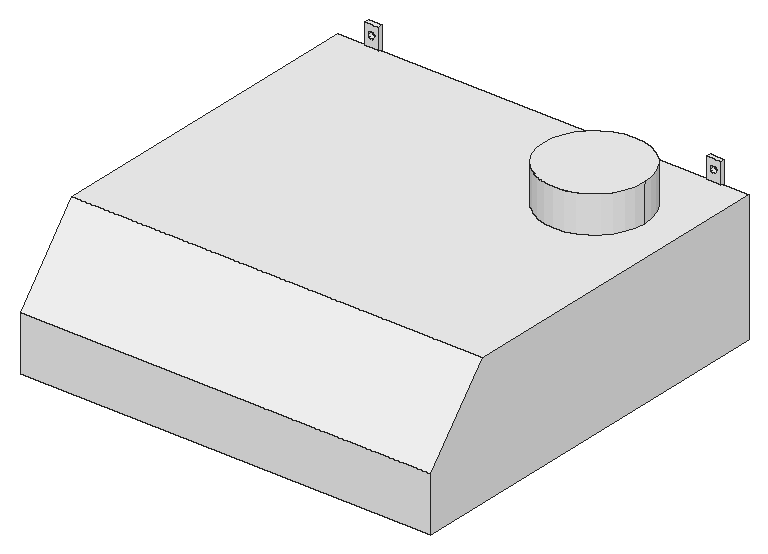
Revit family "v-36_375k7_50Hz", category 機械設備, Revit 2019
Family settings
  丸型コネクタ寸法 = 直径を使用
  パーツ タイプ = 標準
  OmniClass 番号 = 23.75.35.17.27
  OmniClass タイトル = Centrifugal Fans
  作業面ベース = いいえ
  常に垂直 = はい
  ロード時にボイドで切り取り = いいえ
  共有 = いいえ
  部屋計算ポイント = いいえ
Parameters (values of type "V-36K7")
  騒音レベル(dB(A)) = 46.5
  風量 = 540.0 m³/h
  電源種別 [instance] = ""
  電圧 = 100 V
  電動機出力 = 0 W
  電動機_種別 = ""
  集中コントローラ = ""
  運転質量 = 0.00 kg
  連動 [instance] = ""
  質量 = if(製品質量 > 運転質量, 製品質量, 運転質量) * 1.2  # 18.00 kg
  負荷分類 = 3_ファン類
  説明 = "レンジフードファン 浅形 高静圧・丸排気タイプ"
  設計風量 = 0.0 m³/h
  設置方法 = "天吊"
  記号 [instance] = ""
  製造元 = "三菱電機株式会社"
  製品質量 = 15.00 kg
  製品出荷対象 = "国内"
  製品リリース年月 = "2022年6月1日"
  製品グループ = ""
  系統 [instance] = ""
  符号 = if(☑給気／□排気, "FS", "FE")  # "FE"
  積算_科目 = "2 換気設備"
  積算_拾い区分 [instance] = ""
  相 = 1
  盤記号 [instance] = ""
  発停方法 [instance] = ""
  特殊仕様 [instance] = ""
  火災停止 [instance] = ""
  消費電力 = 109 W
  法定耐用年数 = "15"
  機外静圧_排気 = 210.0 Pa
  機外静圧 = 0.0 Pa
  極数 = 2
  材質 [instance] = ""
  操作・制御方式 = ""
  操作・制御スイッチ = ""
  排気量 = 0.0 m³/h
  形式 = "片吸込形"
  幹線記号 [instance] = ""
  対象室 [instance] = ""
  実風量 = 0.0 m³/h
  始動方式 [instance] = "直入"
  天吊用穴_D = 300 mm
  天吊用穴_ピッチ = 520 mm
  外気量 = 0.0 m³/h
  呼称 = "遠心送風機"
  周波数 = 50 Hz
  取付金具_穴位置 = 16 mm
  取付金具_径 = 10 mm
  取付金具_ピッチ = 500 mm
  取付金具_H = 30 mm
  取付金具_Depth = 6 mm
  参照している仕様書等のバージョン = ""
  分類コード = "50052503100060"
  分類グループ = ""
  価格 = 89800
  企業コード = "108420"
  付属品_フィルター_還気 = ""
  付属品_フィルター = ""
  付属品 [instance] = ""
  仕様書バージョン = "Version1.0"
  モデル = "V-36K7"
  マテリアル = 鋼板(白)
  ファンの種類 = ""
  ダクト径 = 150 mm
  コメント [instance] = ""
  Keynote = ""
  Assembly Code = ""
  ☑給気／□排気 = no
  Width = 600 mm
  W1 = Width / 2  # 300 mm
  Version = ""
  Uniclass2015Version = "Systems v1.9"
  Uniclass2015Title = "Centrifugal fans"
  Uniclass2015Code = "Pr_65_67_29_12"
  URL = "https://www.mitsubishielectric.co.jp/ldg/wink/ssl/displayProduct.do?pid=320848"
  SpecificationReference = ""
  SpecificationDescription = ""
  Revision = ""
  ProductInformation = ""
  OmniClassCode = "23-33 31 19 13 15"
  MIN風量 = 150.0 m³/h
  MIN静圧 = 0.0 Pa
  MID風量 = 340.0 m³/h
  MID静圧 = 0.0 Pa
  MAX風量 = 540.0 m³/h
  MAX静圧 = 0.0 Pa
  IfcTypeProduct = ""
  IfcProduct = ""
  IfcExportType = "CENTRIFUGALFORWARDCURVED"
  IfcExportAs = "IfcFanType"
  Height = 190 mm
  H1 = 110 mm
  EAダクト接続口_上部左 = not(EAダクト接続口_上部右)  # no
  EAダクト接続口_上部右 = yes
  EAサイズ_D = 148 mm
  Duct_Pitch = 350 mm
  Duct_Height = 54 mm
  Duct_D = 125 mm
  Depth = 580 mm
  D1 = 95 mm
  Clearance Top = 0 mm
  Clearance Right = 0 mm
  Clearance Left = 0 mm
  Clearance Front = 0 mm
  Clearance Bottom = 0 mm
  Clearance Back = 0 mm
  Author = "三菱電機株式会社"
Types (3, lengths in mm): name | 質量 | 製品質量 | 価格 | モデル | Width | W1 | URL
  V-36K7 | 18.00 kg | 15.00 kg | 89800 | "V-36K7" | 600 | 300 | "https://www.mitsubishielectric.co.jp/ldg/wink/ssl/displayProduct.do?pid=320848"
  V-375K7 | 19.80 kg | 16.50 kg | 106800 | "V-375K7" | 750 | 375 | "https://www.mitsubishielectric.co.jp/ldg/wink/ssl/displayProduct.do?pid=320849"
  V-39K7 | 21.60 kg | 18.00 kg | 129800 | "V-39K7" | 900 | 450 | "https://www.mitsubishielectric.co.jp/ldg/wink/ssl/displayProduct.do?pid=320854"
Reference planes
  plane 1 "中心(正面/背面)": y = 0
  plane 2: z = 0
  plane 3 "中心(左/右)": x = 0
  plane 4: x = -300
  plane 5: x = 300
  plane 6: y = -580
  plane 7: z = -190
  plane 8: z = -110
  plane 9: z = 54
  plane 10: y = -290
  plane 11: y = -485
  plane 12: x = -175
  plane 13: x = 175
  plane 14: y = -125
  plane 15: x = -260
  plane 16: x = 260
  plane 17: y = -300
  plane 18: x = -150
  plane 19: x = 150
  plane 20: z = 30
  plane 21: z = 16
  plane 22: x = -250
  plane 23: x = -260
  plane 24: x = -240
  plane 25: x = 250
  plane 26: x = 260
  plane 27: x = 240
  plane 28: y = 6
Forms (mm)
  Extrusion 1, solid, material "鋼板(白)" <- "マテリアル", detail levels fine
    sketch origin (0, 0, 0) x (1, 0, 0) y (0, 1, 0)
      loop
        line (-300, 0) -> (-300, -485) -> (300, -485) -> (300, 0) -> (-300, 0)
    from -190 to 0
  Blend 2, solid, material "鋼板(白)" <- "マテリアル", detail levels fine
    base sketch origin (0, 0, 0) x (1, 0, 0) y (0, 0, 1)
      loop
        line (-300, -190) -> (300, -190) -> (300, 0) -> (-300, 0) -> (-300, -190)
    top sketch origin (0, 0, 0) x (1, 0, 0) y (0, 0, 1)
      loop
        line (-300, -190) -> (300, -190) -> (300, -110) -> (-300, -110) -> (-300, -190)
    from 485 to 580
  Extrusion 3, solid, material "鋼板(白)" <- "マテリアル", visible <- "EAダクト接続口_上部右", detail levels fine
    sketch origin (0, 0, 0) x (1, 0, 0) y (0, 1, 0)
      loop
        circle (175, -125) r 74
    from 0 to 54
  Extrusion 4, solid, material "鋼板(白)" <- "マテリアル", visible <- "EAダクト接続口_上部左", detail levels fine
    sketch origin (0, 0, 0) x (1, 0, 0) y (0, 1, 0)
      loop
        circle (-175, -125) r 74
    from 0 to 54
  Extrusion 5, solid, material "鋼板(白)" <- "マテリアル"
    sketch origin (0, 0, 0) x (1, 0, 0) y (0, 0, 1)
      loop
        line (-260, 30) -> (-260, -190) -> (-240, -190) -> (-240, 30) -> (-260, 30)
      loop
        line (240, 30) -> (240, -190) -> (260, -190) -> (260, 30) -> (240, 30)
      loop
        circle (250, 16) r 5
      loop
        circle (-250, 16) r 5
    from -6 to 0
Cuts and joins
  joined: Extrusion 1, Blend 2
Lines and regions (mm)
  Masking region 1, detail levels coarse+medium
    outline origin (1326.5, 29, 0) x (1, 0, 0) y (0, 1, 0)
      loop
        line (-1626.5, -29) -> (-1626.5, -609) -> (-1026.5, -609) -> (-1026.5, -29) -> (-1626.5, -29)
  symbolic lines, detail levels coarse+medium
    curve 1: circle (-150, -290, 0) r 150 normal (0, 0, 1)
    curve 2: circle (150, -290, 0) r 150 normal (0, 0, 1)
Dimensions and locks
  equal spacing: plane 4, plane 3 "中心(左/右)", plane 5
  "Width": plane 4 to plane 5
  equal spacing: plane 6, plane 10, plane 1 "中心(正面/背面)"
  "Depth": plane 1 "中心(正面/背面)" to plane 6
  equal spacing: plane 12, plane 3 "中心(左/右)", plane 13
  "Duct_Pitch": plane 12 to plane 13
  "Duct_D": plane 1 "中心(正面/背面)" to plane 14
  "Height": level to plane 7
  "Duct_Height": plane 9 to level
  equal spacing: plane 15, plane 3 "中心(左/右)", plane 16
  "天吊用穴_ピッチ": plane 15 to plane 16
  "天吊用穴_D": plane 1 "中心(正面/背面)" to plane 17
  equal spacing: plane 4, plane 18, plane 3 "中心(左/右)"
  equal spacing: plane 3 "中心(左/右)", plane 19, plane 5
  "D1": plane 11 to plane 6
  "H1": level to plane 8
  "取付金具_H": plane 20 to level
  "取付金具_穴位置": plane 21 to level
  equal spacing: plane 24, plane 22, plane 23
  locked: plane 24 to plane 23 at 20
  equal spacing: plane 27, plane 25, plane 26
  locked: plane 27 to plane 26 at 20
  equal spacing: plane 25, plane 3 "中心(左/右)", plane 22
  "取付金具_ピッチ": plane 25 to plane 22
  "取付金具_Depth": plane 28 to plane 1 "中心(正面/背面)"
  "EAサイズ_D": diameter of Extrusion 3 sketch curve
  "EAサイズ_D": diameter of Extrusion 4 sketch curve
  "W1": diameter of curve 1
  "W1": diameter of curve 2
  "取付金具_径": diameter of Extrusion 5 sketch curve  (x2)
  aligned and locked: level to plane 2
  aligned and locked: Masking region 1 to plane 4
  aligned and locked: plane 5 to Masking region 1
  aligned and locked: Masking region 1 to plane 6
  aligned and locked: Masking region 1 to plane 1 "中心(正面/背面)"
  aligned and locked: plane 1 "中心(正面/背面)" to Extrusion 1 sketch curve
  aligned and locked: plane 4 to Extrusion 1 sketch curve
  aligned and locked: plane 11 to Extrusion 1 sketch curve
  aligned and locked: Extrusion 1 sketch curve to plane 5
  aligned and locked: Blend 2 sketch curve to plane 7  (x2)
  aligned and locked: level to Blend 2 sketch curve
  aligned and locked: plane 5 to Blend 2 sketch curve
  aligned and locked: Blend 2 sketch curve to plane 4
  aligned and locked: var sketch to Blend 2 sketch curve
  aligned and locked: Extrusion 1 to plane 7
  aligned and locked: level to Extrusion 1
  aligned and locked: Blend 2 to plane 6
  aligned and locked: plane 11 to Blend 2
  aligned and locked: plane 9 to Extrusion 3
  aligned and locked: Extrusion 3 to level
  aligned and locked: plane 9 to Extrusion 4
  aligned and locked: Extrusion 4 to level
  aligned and locked: plane 8 to Blend 2 sketch curve
  aligned and locked: nested 1 to plane 17
  aligned and locked: plane 15 to nested 1
  aligned and locked: plane 16 to nested 1
  aligned and locked: Extrusion 5 sketch curve to plane 20  (x2)
  aligned and locked: plane 23 to Extrusion 5 sketch curve
  aligned and locked: plane 24 to Extrusion 5 sketch curve
  aligned and locked: plane 7 to Extrusion 5 sketch curve  (x2)
  aligned and locked: plane 27 to Extrusion 5 sketch curve
  aligned and locked: plane 26 to Extrusion 5 sketch curve
  aligned and locked: plane 28 to Extrusion 5
  aligned and locked: plane 1 "中心(正面/背面)" to Extrusion 5
Automatic sketch dimensions
  Extrusion 3 sketch curve to plane 13 = 0 mm
  Extrusion 3 sketch curve to plane 14 = 0 mm
  Extrusion 4 sketch curve to plane 12 = 0 mm
  Extrusion 4 sketch curve to plane 14 = 0 mm
  curve 1 to plane 10 = 0 mm
  curve 1 to plane 18 = 0 mm
  curve 2 to plane 10 = 0 mm
  curve 2 to plane 19 = 0 mm
  Masking region 1 sketch curve to plane 4 = 0 mm
  Masking region 1 sketch curve to plane 5 = 0 mm
  Masking region 1 sketch curve to plane 6 = 0 mm
  plane 1 "中心(正面/背面)" to Masking region 1 sketch curve = 0 mm
  Blend 2 sketch curve to plane 4 = 0 mm
  Extrusion 5 sketch curve to plane 21 = 0 mm  (x2)
  Extrusion 5 sketch curve to plane 22 = 0 mm
  plane 25 to Extrusion 5 sketch curve = 0 mm
Nested families
  nested 1: "固定点" at (-260, -300, 0), type "固定点"
    with W 520 mm, D 1000 mm
Connectors
  hvac at (175, -125, 54), driven by "ダクト径", driven by "機外静圧", driven by "風量"
    settings: on Extrusion 3, index 1, duct flow 540.0 m³/h, flow factor 0, pres drop 0.0 Pa, loss coef 0, conn angle 0.00°, conn width 304.8 mm, conn height 304.8 mm, conn diameter 150 mm, duct sys type 3, conn prof type 0, flow config 0, flow direction 2, loss method 4, conn ref index -1, conn util no, is conn primary yes, conn desc ""
  hvac at (-175, -125, 54), driven by "ダクト径", driven by "機外静圧", driven by "風量"
    settings: on Extrusion 4, index 2, duct flow 540.0 m³/h, flow factor 0, pres drop 0.0 Pa, loss coef 0, conn angle 0.00°, conn width 304.8 mm, conn height 304.8 mm, conn diameter 150 mm, duct sys type 3, conn prof type 0, flow config 0, flow direction 2, loss method 4, conn ref index -1, conn util no, is conn primary no, conn desc ""
  electrical at (0, -242.5, 0), driven by "極数", driven by "負荷分類", driven by "電圧", driven by "消費電力"
    settings: on cut or joined group of Extrusion 1, Blend 2, index 3, voltage 100 V, apparent load 109 VA, apparent load phase1 0 VA, apparent load phase2 0 VA, apparent load phase3 0 VA, power factor 1, load classification "3_ファン類", number of poles 2, system type 30, power factor state 1, is connector primary yes, connector utility no, sub classification motor no, connector description ""
Definition of nested family "固定点"
  Parameters (values of type "固定点")
    中心円 = 20 mm
    W [instance] = 1000 mm
    D [instance] = 1000 mm
  Reference planes
    plane 1 "中心(正面/背面)": y = 0
    plane 2: z = 0
    plane 3 "中心(左/右)": x = 0
    plane 4: x = 1000
  Lines and regions (mm)
    symbolic lines, detail levels fine
      curve 1: circle (0, 0, 0) r 10 normal (0, 0, 1)
      curve 2: circle (1000, 0, 0) r 10 normal (0, 0, 1)
      curve 3: line (-200, 0, 0) -> (1200, 0, 0)
      curve 4: line (0, 200, 0) -> (0, -200, 0)
      curve 5: line (1000, 200, 0) -> (1000, -200, 0)
  Dimensions and locks
    "W": plane 3 "中心(左/右)" to plane 4
    "中心円": diameter of curve 1
    "中心円": diameter of curve 2
    aligned and locked: level to plane 2
    aligned and locked: plane 3 "中心(左/右)" to curve 1
    aligned and locked: plane 1 "中心(正面/背面)" to curve 1
    aligned and locked: plane 1 "中心(正面/背面)" to curve 2
    aligned and locked: plane 4 to curve 2
    aligned and locked: plane 1 "中心(正面/背面)" to curve 3
    aligned and locked: curve 4 to plane 3 "中心(左/右)"
    aligned and locked: curve 5 to plane 4
  Automatic sketch dimensions
    curve 3 to plane 3 "中心(左/右)" = 200 mm
    curve 2 to curve 3 = 200 mm
    plane 1 "中心(正面/背面)" to curve 4 = 200 mm
    plane 1 "中心(正面/背面)" to curve 5 = 200 mm
    curve 5 to plane 1 "中心(正面/背面)" = 200 mm
    curve 4 to plane 1 "中心(正面/背面)" = 200 mm
